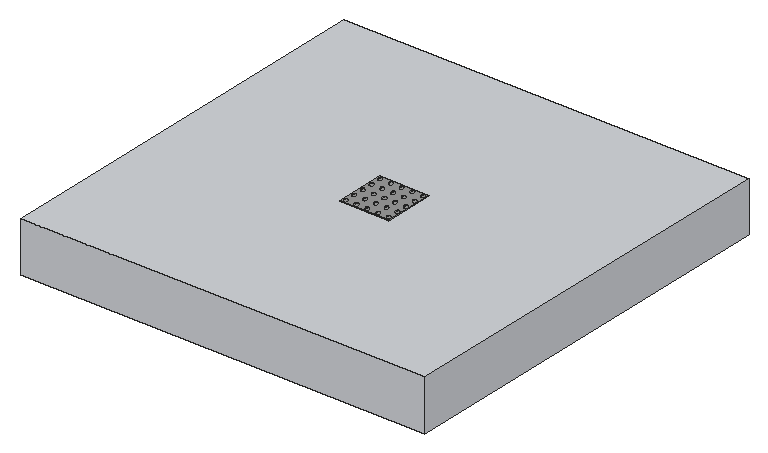
Revit family "Тактильная плитка ПВХ линейное расположение (самоклеящаяся)", category Оборудование, Revit 2017
Family settings
  Основа = Грань
  Размер круглого соединителя = Использовать диаметр
  Тип детали = Нормальный
  При загрузке вырезать с полостями = Да
  Общий = Да
  Точка расчета площади = Нет
Parameters (values of type "Тактильная плитка полиуретановая_Черная")
  Стоимость = 539
  Применение = "Улица/Помещение"
  Default Elevation = 0 mm
  Описание = "Тактильная ПВХ плитка предназначена для информирования при движении тотально слепого и слабовидящего человека. Черный цвет тактильной плитки - отличный контраст по отношению к светлым стенам и покрытию. В зависимости от взаимного расположения несет различную тактильную информацию, способ крепления самоклеящаяся. Рекомендован к применению ВОС, гос. программой \"Доступная среда\"."
  Изготовитель = "ТИФЛОЦЕНТР «ВЕРТИКАЛЬ»"
  URL = "http://tiflocentre.ru/magazin/view_product.php?cat=1&podcat=1&id=1087"
  ADSK_Тип рифов = "Конусообразные рифы, линейное расположение"
  ADSK_Размер_Ширина = 300 mm
  ADSK_Размер_Толщина = 2 mm
  ADSK_Размер_Длина = 300 mm
  ADSK_Размер_Габариты = "300Х300"
  ADSK_Размер_Высота рифа = 5 mm
  ADSK_Наименование = "Тактильная плитка ПВХ линейное расположение (самоклеящаяся)"
  ADSK_Материал плитки = Вертикаль_Полиуретан_Черный
  ADSK_Материал наименование = "Полиуретан, цвет черный"
  ADSK_Код изделия = "10653-1-CH"
Types (2, lengths in mm): name | Описание | URL | ADSK_Материал плитки | ADSK_Материал наименование | ADSK_Код изделия
  Тактильная плитка полиуретан дагональ_Желтая | "Тактильная самоклеящаяся плитка ПВХ необходима для передачи информировании при движении как для тотально слепого человека, так и для слабовидящего человека в зданиях. В зависимости от взаимного расположения с другими тактильными указателями несет различную тактильную информацию. В данной модели тактильные рифы расположены параллельно. Плитка с таким расположением рифов используется для информирования тотально незрячих людей о преодолимых препятствиях на пути.  Способ крепления - самоклеящаяся. Самоклеящаяся ПВХ плитка рекомендована к применению ВОС и протестирована незрячими специалистами." | "http://tiflocentre.ru/magazin/view_product.php?cat=1&podcat=1&id=1086" | Вертикаль_Полиуретан_Желтый | "Полиуретан, цвет желтый" | "10653-1-ZH"
  Тактильная плитка полиуретановая_Черная | "Тактильная ПВХ плитка предназначена для информирования при движении тотально слепого и слабовидящего человека. Черный цвет тактильной плитки - отличный контраст по отношению к светлым стенам и покрытию. В зависимости от взаимного расположения несет различную тактильную информацию, способ крепления самоклеящаяся. Рекомендован к применению ВОС, гос. программой \"Доступная среда\"." | "http://tiflocentre.ru/magazin/view_product.php?cat=1&podcat=1&id=1087" | Вертикаль_Полиуретан_Черный | "Полиуретан, цвет черный" | "10653-1-CH"
Reference planes
  plane 1 "По центру (Вперед/Назад)": y = 0
  plane 2: z = 0
  plane 3 "По центру (Влево/Вправо)": x = 0
  plane 4: x = -150
  plane 5: x = 150
  plane 6: y = -150
  plane 7: y = 150
  plane 8: z = 2
  plane 9: x = -65
  plane 10: x = -130
  plane 11: x = 65
  plane 12: x = 130
  plane 13: y = 130
  plane 14: y = 65
  plane 15: y = -130
  plane 16: y = -65
Forms (mm)
  Extrusion 1, solid
    sketch origin (0, 0, 0) x (1, 0, 0) y (0, 1, 0)
      loop
        line (-1219.2, 1219.2) -> (-1219.2, -1219.2) -> (1219.2, -1219.2) -> (1219.2, 1219.2) -> (-1219.2, 1219.2)
    from 0 to -304.8
  Extrusion 2, solid, material "Вертикаль_Полиуретан_Черный" <- "ADSK_Материал плитки"
    sketch origin (0, 0, 0) x (1, 0, 0) y (0, 1, 0)
      loop
        line (-150, 150) -> (-150, -150) -> (150, -150) -> (150, 150) -> (-150, 150)
    from 0 to 2
Dimensions and locks
  equal spacing: plane 7, plane 1 "По центру (Вперед/Назад)", plane 6
  equal spacing: plane 4, plane 3 "По центру (Влево/Вправо)", plane 5
  "ADSK_Размер_Ширина": plane 4 to plane 5
  "ADSK_Размер_Длина": plane 7 to plane 6
  "ADSK_Размер_Толщина": plane 8 to level
  plane 8 to level = 2 mm
  plane 4 to plane 10 = 20 mm
  plane 15 to plane 6 = 20 mm
  plane 12 to plane 5 = 20 mm
  plane 7 to plane 13 = 20 mm
  aligned and locked: plane 2 to Extrusion 1
  aligned and locked: level to Extrusion 1
  aligned and locked: plane 4 to Extrusion 2 sketch curve
  aligned and locked: Extrusion 2 sketch curve to plane 7
  aligned and locked: Extrusion 2 sketch curve to plane 5
  aligned and locked: plane 6 to Extrusion 2 sketch curve
  aligned and locked: Extrusion 2 to level
  aligned and locked: Extrusion 2 to Extrusion 1
  aligned and locked: plane 8 to Extrusion 2
Automatic sketch dimensions
  Extrusion 1 sketch curve to Extrusion 1 sketch curve = 2438.4 mm  (x2)
Nested families
  nested 1: "Риф" at (130, -130, 2), built-in parameter 1001364 <- "ADSK_Размер_Толщина", Материал <- "ADSK_Материал плитки", type "Риф"
    with Радиус основания 10 mm, Радиус вершины 7 mm, Материал Вертикаль_Полиуретан_Черный
  nested 2: "Риф" at (130, -65, 2), built-in parameter 1001364 <- "ADSK_Размер_Толщина", Материал <- "ADSK_Материал плитки", type "Риф"
    with Радиус основания 10 mm, Радиус вершины 7 mm, Материал Вертикаль_Полиуретан_Черный
  nested 3: "Риф" at (130, 0, 2), built-in parameter 1001364 <- "ADSK_Размер_Толщина", Материал <- "ADSK_Материал плитки", type "Риф"
    with Радиус основания 10 mm, Радиус вершины 7 mm, Материал Вертикаль_Полиуретан_Черный
  nested 4: "Риф" at (130, 65, 2), built-in parameter 1001364 <- "ADSK_Размер_Толщина", Материал <- "ADSK_Материал плитки", type "Риф"
    with Радиус основания 10 mm, Радиус вершины 7 mm, Материал Вертикаль_Полиуретан_Черный
  nested 5: "Риф" at (130, 130, 2), built-in parameter 1001364 <- "ADSK_Размер_Толщина", Материал <- "ADSK_Материал плитки", type "Риф"
    with Радиус основания 10 mm, Радиус вершины 7 mm, Материал Вертикаль_Полиуретан_Черный
  nested 6: "Риф" at (65, -130, 2), built-in parameter 1001364 <- "ADSK_Размер_Толщина", Материал <- "ADSK_Материал плитки", type "Риф"
    with Радиус основания 10 mm, Радиус вершины 7 mm, Материал Вертикаль_Полиуретан_Черный
  nested 7: "Риф" at (65, -65, 2), built-in parameter 1001364 <- "ADSK_Размер_Толщина", Материал <- "ADSK_Материал плитки", type "Риф"
    with Радиус основания 10 mm, Радиус вершины 7 mm, Материал Вертикаль_Полиуретан_Черный
  nested 8: "Риф" at (65, 0, 2), built-in parameter 1001364 <- "ADSK_Размер_Толщина", Материал <- "ADSK_Материал плитки", type "Риф"
    with Радиус основания 10 mm, Радиус вершины 7 mm, Материал Вертикаль_Полиуретан_Черный
  nested 9: "Риф" at (65, 65, 2), built-in parameter 1001364 <- "ADSK_Размер_Толщина", Материал <- "ADSK_Материал плитки", type "Риф"
    with Радиус основания 10 mm, Радиус вершины 7 mm, Материал Вертикаль_Полиуретан_Черный
  nested 10: "Риф" at (65, 130, 2), built-in parameter 1001364 <- "ADSK_Размер_Толщина", Материал <- "ADSK_Материал плитки", type "Риф"
    with Радиус основания 10 mm, Радиус вершины 7 mm, Материал Вертикаль_Полиуретан_Черный
  nested 11: "Риф" at (0, -130, 2), built-in parameter 1001364 <- "ADSK_Размер_Толщина", Материал <- "ADSK_Материал плитки", type "Риф"
    with Радиус основания 10 mm, Радиус вершины 7 mm, Материал Вертикаль_Полиуретан_Черный
  nested 12: "Риф" at (0, -65, 2), built-in parameter 1001364 <- "ADSK_Размер_Толщина", Материал <- "ADSK_Материал плитки", type "Риф"
    with Радиус основания 10 mm, Радиус вершины 7 mm, Материал Вертикаль_Полиуретан_Черный
  nested 13: "Риф" at (0, 0, 2), built-in parameter 1001364 <- "ADSK_Размер_Толщина", Материал <- "ADSK_Материал плитки", type "Риф"
    with Радиус основания 10 mm, Радиус вершины 7 mm, Материал Вертикаль_Полиуретан_Черный
  nested 14: "Риф" at (0, 65, 2), built-in parameter 1001364 <- "ADSK_Размер_Толщина", Материал <- "ADSK_Материал плитки", type "Риф"
    with Радиус основания 10 mm, Радиус вершины 7 mm, Материал Вертикаль_Полиуретан_Черный
  nested 15: "Риф" at (0, 130, 2), built-in parameter 1001364 <- "ADSK_Размер_Толщина", Материал <- "ADSK_Материал плитки", type "Риф"
    with Радиус основания 10 mm, Радиус вершины 7 mm, Материал Вертикаль_Полиуретан_Черный
  nested 16: "Риф" at (-65, -130, 2), built-in parameter 1001364 <- "ADSK_Размер_Толщина", Материал <- "ADSK_Материал плитки", type "Риф"
    with Радиус основания 10 mm, Радиус вершины 7 mm, Материал Вертикаль_Полиуретан_Черный
  nested 17: "Риф" at (-65, -65, 2), built-in parameter 1001364 <- "ADSK_Размер_Толщина", Материал <- "ADSK_Материал плитки", type "Риф"
    with Радиус основания 10 mm, Радиус вершины 7 mm, Материал Вертикаль_Полиуретан_Черный
  nested 18: "Риф" at (-65, 0, 2), built-in parameter 1001364 <- "ADSK_Размер_Толщина", Материал <- "ADSK_Материал плитки", type "Риф"
    with Радиус основания 10 mm, Радиус вершины 7 mm, Материал Вертикаль_Полиуретан_Черный
  nested 19: "Риф" at (-65, 65, 2), built-in parameter 1001364 <- "ADSK_Размер_Толщина", Материал <- "ADSK_Материал плитки", type "Риф"
    with Радиус основания 10 mm, Радиус вершины 7 mm, Материал Вертикаль_Полиуретан_Черный
  nested 20: "Риф" at (-65, 130, 2), built-in parameter 1001364 <- "ADSK_Размер_Толщина", Материал <- "ADSK_Материал плитки", type "Риф"
    with Радиус основания 10 mm, Радиус вершины 7 mm, Материал Вертикаль_Полиуретан_Черный
  nested 21: "Риф" at (-130, -130, 2), built-in parameter 1001364 <- "ADSK_Размер_Толщина", Материал <- "ADSK_Материал плитки", type "Риф"
    with Радиус основания 10 mm, Радиус вершины 7 mm, Материал Вертикаль_Полиуретан_Черный
  nested 22: "Риф" at (-130, -65, 2), built-in parameter 1001364 <- "ADSK_Размер_Толщина", Материал <- "ADSK_Материал плитки", type "Риф"
    with Радиус основания 10 mm, Радиус вершины 7 mm, Материал Вертикаль_Полиуретан_Черный
  nested 23: "Риф" at (-130, 0, 2), built-in parameter 1001364 <- "ADSK_Размер_Толщина", Материал <- "ADSK_Материал плитки", type "Риф"
    with Радиус основания 10 mm, Радиус вершины 7 mm, Материал Вертикаль_Полиуретан_Черный
  nested 24: "Риф" at (-130, 65, 2), built-in parameter 1001364 <- "ADSK_Размер_Толщина", Материал <- "ADSK_Материал плитки", type "Риф"
    with Радиус основания 10 mm, Радиус вершины 7 mm, Материал Вертикаль_Полиуретан_Черный
  nested 25: "Риф" at (-130, 130, 2), built-in parameter 1001364 <- "ADSK_Размер_Толщина", Материал <- "ADSK_Материал плитки", type "Риф"
    with Радиус основания 10 mm, Радиус вершины 7 mm, Материал Вертикаль_Полиуретан_Черный
Definition of nested family "Риф"
  Parameters (values of type "Риф")
    Радиус основания [instance] = 10 mm
    Радиус вершины [instance] = 5 mm
    Материал [instance] = none
    Высота конуса = 5 mm
  Reference planes
    plane 1 "По центру (Вперед/Назад)": y = 0
    plane 2: z = 0
    plane 3 "По центру (Влево/Вправо)": x = 0
    plane 4: z = 5
    plane 5: y = -10
    plane 6: y = 10
    plane 7: y = -5
    plane 8: y = 5
  Forms (mm)
    Revolve 1, solid, material <- "Материал"
      sketch origin (0, 0, 0) x (0, 1, 0) y (0, 0, 1)
        loop
          line (0, 5) -> (0, 0) -> (10, 0) -> (5, 5) -> (0, 5)
        axis (0, 5) -> (0, 0)
      angle from 0 to 360
  Lines and regions (mm)
    model lines
      curve 1: line (0, 10, 0) -> (0, -10, 0)
      curve 2: line (10, 0, 0) -> (-10, 0, 0)
  Dimensions and locks
    "Высота конуса": plane 4 to plane 2
    equal spacing: plane 5, plane 1 "По центру (Вперед/Назад)", plane 6
    "Радиус основания": plane 5 to plane 1 "По центру (Вперед/Назад)"
    equal spacing: plane 7, plane 1 "По центру (Вперед/Назад)", plane 8
    "Радиус вершины": plane 7 to plane 1 "По центру (Вперед/Назад)"
    aligned and locked: level to plane 2
    aligned and locked: plane 4 to Revolve 1
    aligned and locked: level to Revolve 1 sketch curve
    aligned and locked: plane 6 to Revolve 1 sketch curve
    aligned and locked: Revolve 1 sketch curve to plane 4
  Automatic sketch dimensions
    Revolve 1 sketch curve to plane 1 "По центру (Вперед/Назад)" = 0 mm  (x2)
    Revolve 1 sketch curve to plane 8 = 0 mm
    Revolve 1 sketch curve to level = 80 mm
    Revolve 1 sketch curve to Revolve 1 sketch curve = 55 mm
    plane 1 "По центру (Вперед/Назад)" to curve 2 = 0 mm
    curve 1 to plane 3 "По центру (Влево/Вправо)" = 0 mm
    curve 1 to plane 5 = 0 mm
    curve 1 to plane 6 = 0 mm
    curve 2 to plane 3 "По центру (Влево/Вправо)" = 10 mm
    plane 3 "По центру (Влево/Вправо)" to curve 2 = 10 mm
